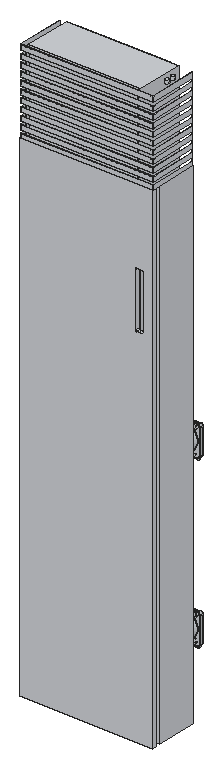
Revit family "57_CRD_ME_Ventura_V1C", category Mechanical Equipment, Revit 2020 (continued)
Definition of nested family "57_CRD_AT_aansluiting_muurrooster_flex"
  Definition of nested family "Rectangular Grille"
    Dimensions and locks
      Extrusion 11 sketch curve to plane 3 "Center (Left/Right)" to Extrusion 11 sketch curve = 105 mm, 105 mm
      diameter of Extrusion 10 sketch curve = 92.038 mm
      aligned and locked: level to plane 2
      aligned and locked: Sweep 2 to Extrusion 5  (x2)
      aligned and locked: plane 4 to Extrusion 10
      aligned and locked: Extrusion 11 to Sweep 2  (x2)
  Definition of nested family "Square Grille"
    Parameters (values of type "Square Grille")
      Width = 127 mm
      Wholesaler Art. No. = ""
      Wholesaler = ""
      materiaal [instance] = none
      Watermarked By = "www.stabiplan.com"
      URL = "www.stabiplan.com"
      Type Comments = "﻿﻿  ​                        ﻿﻿       ​      ﻿      ﻿                  ﻿                         ﻿​  ​ ﻿      ​   ﻿﻿"
      Stabu Code = ""
      Revit Version = "2014"  # constant formula
      Product Line = "ClimaRad"
      Model = "127x127"
      Manufacturer URL = "www.climarad.com"
      Manufacturer Art. No. = "3511203"
      Manufacturer = "ClimaRad"
      MEPcontent Class = "GRILLE"  # constant formula
      Keynote = "﻿﻿  ​                        ﻿﻿       ​      ﻿      ﻿                  ﻿                         ﻿​  ​ ﻿      ​   ﻿﻿"
      Internal Art. No. = ""
      IFCExportType = "GRILLE"  # constant formula
      IFCExportAs = "IfcAirTerminalType"  # constant formula
      Height = 127 mm
      GTIN = ""
      Function Code [instance] = ""
      Family Version = "10.04"  # constant formula
      ETIM Article Class = "EC001297"
      EMCS Version = "2.0"  # constant formula
      Description = "Aluminium set up grid"
      Depth = 14 mm
      Default Elevation = 1219.2 mm
      Custom = no
      Copyright = "© Stabiplan International BV"  # constant formula
      Content Supplier URL = "www.mepcontent.eu"
      CB-NL Class = ""
      Assembly Code = ""
      Article Type = "127x127"
      Article Description = "Aluminium set up grid"
    Reference planes
      plane 1 "Center (Front/Back)": y = 0
      plane 2: z = 0
      plane 3 "Center (Left/Right)": x = 0
    Forms (mm)
      Revolve 1, solid, material <- "materiaal", detail levels fine
        sketch origin (0, 0, 0) x (0, 1, 0) y (0, 0, 1)
          loop
            arc (39.018, 42.11) -> (39.963, 43.055) -> (39.018, 44) r 0.945
            line (39.018, 44) -> (38.22, 44)
            arc (38.22, 44) -> (37.144, 44.34) -> (36.461, 45.238) r 1.868
            line (36.461, 45.238) -> (36.176, 46.035)
            arc (36.176, 46.035) -> (35.58, 46.509) -> (34.985, 46.035) r 0.611
            line (34.985, 46.035) -> (34.985, 44.473)
            arc (34.985, 44.473) -> (34.391, 43.99) -> (33.796, 44.473) r 0.607
            line (33.796, 44.473) -> (33.796, 46.019)
            arc (33.796, 46.019) -> (33.188, 46.501) -> (32.58, 46.019) r 0.625
            line (32.58, 46.019) -> (32.287, 45.206)
            arc (32.287, 45.206) -> (31.587, 44.307) -> (30.491, 43.995) r 1.834
            line (30.491, 43.995) -> (29.298, 43.995)
            arc (29.298, 43.995) -> (28.157, 44.349) -> (27.417, 45.286) r 2.015
            line (27.417, 45.286) -> (27.157, 46.035)
            arc (27.157, 46.035) -> (26.562, 46.509) -> (25.966, 46.035) r 0.611
            line (25.966, 46.035) -> (25.966, 44.473)
            arc (25.966, 44.473) -> (25.372, 43.99) -> (24.777, 44.473) r 0.607
            line (24.777, 44.473) -> (24.777, 46.019)
            arc (24.777, 46.019) -> (24.169, 46.501) -> (23.561, 46.019) r 0.625
            line (23.561, 46.019) -> (23.268, 45.206)
            arc (23.268, 45.206) -> (22.536, 44.329) -> (21.442, 44) r 1.985
            line (21.442, 44) -> (20.411, 44)
            arc (20.411, 44) -> (19.937, 44.038) -> (19.476, 44.149) r 3.01
            line (19.476, 44.149) -> (1.763, 49.941)
            arc (1.763, 49.941) -> (0.593, 50.723) -> (0, 52) r 2.607
            line (0, 52) -> (0, 48.544) -> (17.33, 42.775)
            arc (17.33, 42.775) -> (19.355, 42.277) -> (21.434, 42.11) r 12.994
            line (21.434, 42.11) -> (39.018, 42.11)
          axis (39.018, 0) -> (0, 0)
        angle from 0 to 360
      Sweep 2, solid, material <- "materiaal", detail levels fine
        path origin (0, 0, 0) x (1, 0, 0) y (0, 0, 1)
          loop
            arc (-53.079, -51.114) -> (-52.503, -52.503) -> (-51.114, -53.079) r 1.965
            line (-51.114, -53.079) -> (51.075, -53.079)
            arc (51.075, -53.079) -> (52.492, -52.492) -> (53.079, -51.075) r 2.004
            line (53.079, -51.075) -> (53.079, 51.126)
            arc (53.079, 51.126) -> (52.507, 52.507) -> (51.126, 53.079) r 1.953
            line (51.126, 53.079) -> (-51.079, 53.079)
            arc (-51.079, 53.079) -> (-52.493, 52.493) -> (-53.079, 51.079) r 2
            line (-53.079, 51.079) -> (-53.079, -51.114)
        profile origin (-53.079, 0, -0.018) x (-1, 0, 0) y (0, -1, 0)
          loop
            line (9.386, 0) -> (10.421, 0) -> (7.067, 12.518)
            arc (7.067, 12.518) -> (6.353, 13.587) -> (5.135, 14) r 2
            line (5.135, 14) -> (3.864, 14)
            arc (3.864, 14) -> (2.455, 13.438) -> (1.82, 12.06) r 2.048
            line (1.82, 12.06) -> (1.498, 5.921)
            arc (1.498, 5.921) -> (1.033, 4.912) -> (0, 4.5) r 1.5
            line (0, 4.5) -> (0, 3.5)
            arc (0, 3.5) -> (1.721, 4.187) -> (2.497, 5.869) r 2.5
            line (2.497, 5.869) -> (2.821, 12.065)
            arc (2.821, 12.065) -> (3.095, 12.726) -> (3.757, 13) r 0.935
            line (3.757, 13) -> (5.135, 13)
            arc (5.135, 13) -> (5.744, 12.793) -> (6.101, 12.259) r 1
            line (6.101, 12.259) -> (9.386, 0)
      Extrusion 3, solid, material <- "materiaal", detail levels fine
        sketch origin (0, 0, 0) x (0, 1, 0) y (0, 0, 1)
          loop
            line (-4.5, 53.079) -> (-4.5, 50.079)
            arc (-4.5, 50.079) -> (-4.657, 49.541) -> (-5.077, 49.172) r 1
            line (-5.077, 49.172) -> (-9.609, 47.059)
            arc (-9.609, 47.059) -> (-11.811, 45.657) -> (-13.574, 43.732) r 10
            line (-13.574, 43.732) -> (-12.755, 43.158)
            arc (-12.755, 43.158) -> (-11.168, 44.891) -> (-9.186, 46.153) r 9
            line (-9.186, 46.153) -> (-4.655, 48.266)
            arc (-4.655, 48.266) -> (-3.858, 48.933) -> (-3.5, 49.908) r 2.015
            line (-3.5, 49.908) -> (-3.5, 53.079) -> (-4.5, 53.079)
          loop
            line (-4.5, 38.479) -> (-4.5, 35.479)
            arc (-4.5, 35.479) -> (-4.657, 34.941) -> (-5.077, 34.572) r 1
            line (-5.077, 34.572) -> (-9.609, 32.459)
            arc (-9.609, 32.459) -> (-11.811, 31.057) -> (-13.574, 29.132) r 10
            line (-13.574, 29.132) -> (-12.755, 28.558)
            arc (-12.755, 28.558) -> (-11.168, 30.291) -> (-9.186, 31.553) r 9
            line (-9.186, 31.553) -> (-4.655, 33.666)
            arc (-4.655, 33.666) -> (-3.858, 34.333) -> (-3.5, 35.308) r 2.015
            line (-3.5, 35.308) -> (-3.5, 38.479) -> (-4.5, 38.479)
          loop
            line (-4.5, 23.879) -> (-4.5, 20.879)
            arc (-4.5, 20.879) -> (-4.657, 20.341) -> (-5.077, 19.972) r 1
            line (-5.077, 19.972) -> (-9.609, 17.859)
            arc (-9.609, 17.859) -> (-11.811, 16.457) -> (-13.574, 14.532) r 10
            line (-13.574, 14.532) -> (-12.755, 13.958)
            arc (-12.755, 13.958) -> (-11.168, 15.691) -> (-9.186, 16.953) r 9
            line (-9.186, 16.953) -> (-4.655, 19.066)
            arc (-4.655, 19.066) -> (-3.858, 19.733) -> (-3.5, 20.708) r 2.015
            line (-3.5, 20.708) -> (-3.5, 23.879) -> (-4.5, 23.879)
          loop
            line (-4.5, 9.279) -> (-4.5, 6.279)
            arc (-4.5, 6.279) -> (-4.657, 5.741) -> (-5.077, 5.372) r 1
            line (-5.077, 5.372) -> (-9.609, 3.259)
            arc (-9.609, 3.259) -> (-11.811, 1.857) -> (-13.574, -0.068) r 10
            line (-13.574, -0.068) -> (-12.755, -0.642)
            arc (-12.755, -0.642) -> (-11.168, 1.091) -> (-9.186, 2.353) r 9
            line (-9.186, 2.353) -> (-4.655, 4.466)
            arc (-4.655, 4.466) -> (-3.858, 5.133) -> (-3.5, 6.108) r 2.015
            line (-3.5, 6.108) -> (-3.5, 9.279) -> (-4.5, 9.279)
          loop
            line (-4.5, -5.321) -> (-4.5, -8.321)
            arc (-4.5, -8.321) -> (-4.657, -8.859) -> (-5.077, -9.228) r 1
            line (-5.077, -9.228) -> (-9.609, -11.341)
            arc (-9.609, -11.341) -> (-11.811, -12.743) -> (-13.574, -14.668) r 10
            line (-13.574, -14.668) -> (-12.755, -15.242)
            arc (-12.755, -15.242) -> (-11.168, -13.509) -> (-9.186, -12.247) r 9
            line (-9.186, -12.247) -> (-4.655, -10.134)
            arc (-4.655, -10.134) -> (-3.858, -9.467) -> (-3.5, -8.492) r 2.015
            line (-3.5, -8.492) -> (-3.5, -5.321) -> (-4.5, -5.321)
          loop
            line (-4.5, -19.921) -> (-4.5, -22.921)
            arc (-4.5, -22.921) -> (-4.657, -23.459) -> (-5.077, -23.828) r 1
            line (-5.077, -23.828) -> (-9.609, -25.941)
            arc (-9.609, -25.941) -> (-11.811, -27.343) -> (-13.574, -29.268) r 10
            line (-13.574, -29.268) -> (-12.755, -29.842)
            arc (-12.755, -29.842) -> (-11.168, -28.109) -> (-9.186, -26.847) r 9
            line (-9.186, -26.847) -> (-4.655, -24.734)
            arc (-4.655, -24.734) -> (-3.858, -24.067) -> (-3.5, -23.092) r 2.015
            line (-3.5, -23.092) -> (-3.5, -19.921) -> (-4.5, -19.921)
          loop
            line (-4.5, -34.521) -> (-4.5, -37.521)
            arc (-4.5, -37.521) -> (-4.657, -38.059) -> (-5.077, -38.428) r 1
            line (-5.077, -38.428) -> (-9.609, -40.541)
            arc (-9.609, -40.541) -> (-11.811, -41.943) -> (-13.574, -43.868) r 10
            line (-13.574, -43.868) -> (-12.755, -44.442)
            arc (-12.755, -44.442) -> (-11.168, -42.709) -> (-9.186, -41.447) r 9
            line (-9.186, -41.447) -> (-4.655, -39.334)
            arc (-4.655, -39.334) -> (-3.858, -38.667) -> (-3.5, -37.692) r 2.015
            line (-3.5, -37.692) -> (-3.5, -34.521) -> (-4.5, -34.521)
          loop
            line (-3.5, -53.079) -> (-3.5, -49.579) -> (-4.5, -49.579) -> (-4.5, -53.079) -> (-3.5, -53.079)
        from -53.079 to 53.079
      Extrusion 4, solid, material <- "materiaal", detail levels fine
        sketch origin (0, 0, 0) x (1, 0, 0) y (0, 0, 1)
          loop
            arc (-51.286, 58.331) -> (-56.267, 56.267) -> (-58.331, 51.286) r 7.045
            line (-58.331, 51.286) -> (-58.331, -51.302)
            arc (-58.331, -51.302) -> (-56.272, -56.272) -> (-51.302, -58.331) r 7.028
            line (-51.302, -58.331) -> (51.286, -58.331)
            arc (51.286, -58.331) -> (56.267, -56.267) -> (58.331, -51.286) r 7.044
            line (58.331, -51.286) -> (58.331, 51.292)
            arc (58.331, 51.292) -> (56.269, 56.269) -> (51.292, 58.331) r 7.039
            line (51.292, 58.331) -> (-51.286, 58.331)
          loop
            circle (0, 0) r 45
        from 0 to 1
      Extrusion 5, solid, material <- "materiaal", detail levels fine
        sketch origin (0, 0, 0) x (1, 0, 0) y (0, 0, 1)
          loop
            line (51.292, 58.331) -> (-51.286, 58.331)
            arc (-51.286, 58.331) -> (-56.267, 56.267) -> (-58.331, 51.286) r 7.045
            line (-58.331, 51.286) -> (-58.331, -51.302)
            arc (-58.331, -51.302) -> (-56.272, -56.272) -> (-51.302, -58.331) r 7.028
            line (-51.302, -58.331) -> (51.286, -58.331)
            arc (51.286, -58.331) -> (56.267, -56.267) -> (58.331, -51.286) r 7.044
            line (58.331, -51.286) -> (58.331, 51.292)
            arc (58.331, 51.292) -> (56.269, 56.269) -> (51.292, 58.331) r 7.039
          loop
            line (-56.331, 51.286) -> (-56.331, -51.302)
            arc (-56.331, -51.302) -> (-54.858, -54.858) -> (-51.302, -56.331) r 5.028
            line (-51.302, -56.331) -> (51.286, -56.331)
            arc (51.286, -56.331) -> (54.853, -54.853) -> (56.331, -51.286) r 5.044
            line (56.331, -51.286) -> (56.331, 51.292)
            arc (56.331, 51.292) -> (54.855, 54.855) -> (51.292, 56.331) r 5.039
            line (51.292, 56.331) -> (-51.286, 56.331)
            arc (-51.286, 56.331) -> (-54.853, 54.853) -> (-56.331, 51.286) r 5.045
        from 0 to 10
      Extrusion 6, void
        sketch origin (0, 0, 0) x (1, 0, 0) y (0, 0, 1)
          loop
            arc (-50.552, 47.697) -> (-50.552, 44.182) -> (-47.037, 44.182) r 2.486
            line (-47.037, 44.182) -> (-44.201, 47.018)
            arc (-44.201, 47.018) -> (-44.201, 50.534) -> (-47.716, 50.534) r 2.486
            line (-47.716, 50.534) -> (-50.552, 47.697)
          loop
            line (50.552, 47.697) -> (47.716, 50.534)
            arc (47.716, 50.534) -> (44.201, 50.534) -> (44.201, 47.018) r 2.486
            line (44.201, 47.018) -> (47.037, 44.182)
            arc (47.037, 44.182) -> (50.552, 44.182) -> (50.552, 47.697) r 2.486
          loop
            line (-50.552, -47.697) -> (-47.716, -50.534)
            arc (-47.716, -50.534) -> (-44.201, -50.534) -> (-44.201, -47.018) r 2.486
            line (-44.201, -47.018) -> (-47.037, -44.182)
            arc (-47.037, -44.182) -> (-50.552, -44.182) -> (-50.552, -47.697) r 2.486
          loop
            arc (50.552, -47.697) -> (50.552, -44.182) -> (47.037, -44.182) r 2.486
            line (47.037, -44.182) -> (44.201, -47.018)
            arc (44.201, -47.018) -> (44.201, -50.534) -> (47.716, -50.534) r 2.486
            line (47.716, -50.534) -> (50.552, -47.697)
        from 0 to 3.5
      Extrusion 7, solid, detail levels coarse+medium
        sketch origin (0, 0, 0) x (1, 0, 0) y (0, 0, 1)
          loop
            circle (0, 0) r 46.5
        from -40 to 0
      Extrusion 8, solid, detail levels coarse+medium
        sketch origin (0, 0, 0) x (1, 0, 0) y (0, 0, 1)
          loop
            line (-63.5, 63.5) -> (-63.5, -63.5) -> (63.5, -63.5) -> (63.5, 63.5) -> (-63.5, 63.5)
        from 0 to 14
    Cuts and joins
      Extrusion 6 cuts Revolve 1
      Extrusion 6 cuts Extrusion 4
      Extrusion 6 cuts Extrusion 5
      joined: Revolve 1, Extrusion 4, Extrusion 5
      Extrusion 6 cuts Extrusion 3
    Dimensions and locks
      plane 1 "Center (Front/Back)" to Extrusion 7 = 40 mm
      Extrusion 8 sketch curve to plane 3 "Center (Left/Right)" to Extrusion 8 sketch curve = 63.5 mm, 63.5 mm
      Extrusion 8 sketch curve to plane 2 to Extrusion 8 sketch curve = 63.5 mm, 63.5 mm
      Extrusion 8 to plane 1 "Center (Front/Back)" = 14 mm
      diameter of Extrusion 7 sketch curve = 93 mm
      aligned and locked: level to plane 2
      aligned and locked: Sweep 2 sketch curve to plane 1 "Center (Front/Back)"
      aligned and locked: Sweep 2 sketch curve to profile plane
      aligned and locked: Extrusion 4 to plane 1 "Center (Front/Back)"
      aligned and locked: plane 1 "Center (Front/Back)" to Extrusion 7
      aligned and locked: Extrusion 8 to plane 1 "Center (Front/Back)"
Definition of nested family "Square Grille"
  Parameters (values of type "Square Grille")
    Width = 127 mm
    Wholesaler Art. No. = ""
    Wholesaler = ""
    materiaal [instance] = none
    Watermarked By = "www.stabiplan.com"
    URL = "www.stabiplan.com"
    Type Comments = "﻿﻿  ​                        ﻿﻿       ​      ﻿      ﻿                  ﻿                         ﻿​  ​ ﻿      ​   ﻿﻿"
    Stabu Code = ""
    Revit Version = "2014"  # constant formula
    Product Line = "ClimaRad"
    Model = "127x127"
    Manufacturer URL = "www.climarad.com"
    Manufacturer Art. No. = "3511203"
    Manufacturer = "ClimaRad"
    MEPcontent Class = "GRILLE"  # constant formula
    Keynote = "﻿﻿  ​                        ﻿﻿       ​      ﻿      ﻿                  ﻿                         ﻿​  ​ ﻿      ​   ﻿﻿"
    Internal Art. No. = ""
    IFCExportType = "GRILLE"  # constant formula
    IFCExportAs = "IfcAirTerminalType"  # constant formula
    Height = 127 mm
    GTIN = ""
    Function Code [instance] = ""
    Family Version = "10.04"  # constant formula
    ETIM Article Class = "EC001297"
    EMCS Version = "2.0"  # constant formula
    Description = "Aluminium set up grid"
    Depth = 14 mm
    Default Elevation = 1219.2 mm
    Custom = no
    Copyright = "© Stabiplan International BV"  # constant formula
    Content Supplier URL = "www.mepcontent.eu"
    CB-NL Class = ""
    Assembly Code = ""
    Article Type = "127x127"
    Article Description = "Aluminium set up grid"
  Reference planes
    plane 1 "Center (Front/Back)": y = 0
    plane 2: z = 0
    plane 3 "Center (Left/Right)": x = 0
  Forms (mm)
    Revolve 1, solid, material <- "materiaal", detail levels fine
      sketch origin (0, 0, 0) x (0, 1, 0) y (0, 0, 1)
        loop
          arc (39.018, 42.11) -> (39.963, 43.055) -> (39.018, 44) r 0.945
          line (39.018, 44) -> (38.22, 44)
          arc (38.22, 44) -> (37.144, 44.34) -> (36.461, 45.238) r 1.868
          line (36.461, 45.238) -> (36.176, 46.035)
          arc (36.176, 46.035) -> (35.58, 46.509) -> (34.985, 46.035) r 0.611
          line (34.985, 46.035) -> (34.985, 44.473)
          arc (34.985, 44.473) -> (34.391, 43.99) -> (33.796, 44.473) r 0.607
          line (33.796, 44.473) -> (33.796, 46.019)
          arc (33.796, 46.019) -> (33.188, 46.501) -> (32.58, 46.019) r 0.625
          line (32.58, 46.019) -> (32.287, 45.206)
          arc (32.287, 45.206) -> (31.587, 44.307) -> (30.491, 43.995) r 1.834
          line (30.491, 43.995) -> (29.298, 43.995)
          arc (29.298, 43.995) -> (28.157, 44.349) -> (27.417, 45.286) r 2.015
          line (27.417, 45.286) -> (27.157, 46.035)
          arc (27.157, 46.035) -> (26.562, 46.509) -> (25.966, 46.035) r 0.611
          line (25.966, 46.035) -> (25.966, 44.473)
          arc (25.966, 44.473) -> (25.372, 43.99) -> (24.777, 44.473) r 0.607
          line (24.777, 44.473) -> (24.777, 46.019)
          arc (24.777, 46.019) -> (24.169, 46.501) -> (23.561, 46.019) r 0.625
          line (23.561, 46.019) -> (23.268, 45.206)
          arc (23.268, 45.206) -> (22.536, 44.329) -> (21.442, 44) r 1.985
          line (21.442, 44) -> (20.411, 44)
          arc (20.411, 44) -> (19.937, 44.038) -> (19.476, 44.149) r 3.01
          line (19.476, 44.149) -> (1.763, 49.941)
          arc (1.763, 49.941) -> (0.593, 50.723) -> (0, 52) r 2.607
          line (0, 52) -> (0, 48.544) -> (17.33, 42.775)
          arc (17.33, 42.775) -> (19.355, 42.277) -> (21.434, 42.11) r 12.994
          line (21.434, 42.11) -> (39.018, 42.11)
        axis (39.018, 0) -> (0, 0)
      angle from 0 to 360
    Sweep 2, solid, material <- "materiaal", detail levels fine
      path origin (0, 0, 0) x (1, 0, 0) y (0, 0, 1)
        loop
          arc (-53.079, -51.114) -> (-52.503, -52.503) -> (-51.114, -53.079) r 1.965
          line (-51.114, -53.079) -> (51.075, -53.079)
          arc (51.075, -53.079) -> (52.492, -52.492) -> (53.079, -51.075) r 2.004
          line (53.079, -51.075) -> (53.079, 51.126)
          arc (53.079, 51.126) -> (52.507, 52.507) -> (51.126, 53.079) r 1.953
          line (51.126, 53.079) -> (-51.079, 53.079)
          arc (-51.079, 53.079) -> (-52.493, 52.493) -> (-53.079, 51.079) r 2
          line (-53.079, 51.079) -> (-53.079, -51.114)
      profile origin (-53.079, 0, -0.018) x (-1, 0, 0) y (0, -1, 0)
        loop
          line (9.386, 0) -> (10.421, 0) -> (7.067, 12.518)
          arc (7.067, 12.518) -> (6.353, 13.587) -> (5.135, 14) r 2
          line (5.135, 14) -> (3.864, 14)
          arc (3.864, 14) -> (2.455, 13.438) -> (1.82, 12.06) r 2.048
          line (1.82, 12.06) -> (1.498, 5.921)
          arc (1.498, 5.921) -> (1.033, 4.912) -> (0, 4.5) r 1.5
          line (0, 4.5) -> (0, 3.5)
          arc (0, 3.5) -> (1.721, 4.187) -> (2.497, 5.869) r 2.5
          line (2.497, 5.869) -> (2.821, 12.065)
          arc (2.821, 12.065) -> (3.095, 12.726) -> (3.757, 13) r 0.935
          line (3.757, 13) -> (5.135, 13)
          arc (5.135, 13) -> (5.744, 12.793) -> (6.101, 12.259) r 1
          line (6.101, 12.259) -> (9.386, 0)
    Extrusion 3, solid, material <- "materiaal", detail levels fine
      sketch origin (0, 0, 0) x (0, 1, 0) y (0, 0, 1)
        loop
          line (-4.5, 53.079) -> (-4.5, 50.079)
          arc (-4.5, 50.079) -> (-4.657, 49.541) -> (-5.077, 49.172) r 1
          line (-5.077, 49.172) -> (-9.609, 47.059)
          arc (-9.609, 47.059) -> (-11.811, 45.657) -> (-13.574, 43.732) r 10
          line (-13.574, 43.732) -> (-12.755, 43.158)
          arc (-12.755, 43.158) -> (-11.168, 44.891) -> (-9.186, 46.153) r 9
          line (-9.186, 46.153) -> (-4.655, 48.266)
          arc (-4.655, 48.266) -> (-3.858, 48.933) -> (-3.5, 49.908) r 2.015
          line (-3.5, 49.908) -> (-3.5, 53.079) -> (-4.5, 53.079)
        loop
          line (-4.5, 38.479) -> (-4.5, 35.479)
          arc (-4.5, 35.479) -> (-4.657, 34.941) -> (-5.077, 34.572) r 1
          line (-5.077, 34.572) -> (-9.609, 32.459)
          arc (-9.609, 32.459) -> (-11.811, 31.057) -> (-13.574, 29.132) r 10
          line (-13.574, 29.132) -> (-12.755, 28.558)
          arc (-12.755, 28.558) -> (-11.168, 30.291) -> (-9.186, 31.553) r 9
          line (-9.186, 31.553) -> (-4.655, 33.666)
          arc (-4.655, 33.666) -> (-3.858, 34.333) -> (-3.5, 35.308) r 2.015
          line (-3.5, 35.308) -> (-3.5, 38.479) -> (-4.5, 38.479)
        loop
          line (-4.5, 23.879) -> (-4.5, 20.879)
          arc (-4.5, 20.879) -> (-4.657, 20.341) -> (-5.077, 19.972) r 1
          line (-5.077, 19.972) -> (-9.609, 17.859)
          arc (-9.609, 17.859) -> (-11.811, 16.457) -> (-13.574, 14.532) r 10
          line (-13.574, 14.532) -> (-12.755, 13.958)
          arc (-12.755, 13.958) -> (-11.168, 15.691) -> (-9.186, 16.953) r 9
          line (-9.186, 16.953) -> (-4.655, 19.066)
          arc (-4.655, 19.066) -> (-3.858, 19.733) -> (-3.5, 20.708) r 2.015
          line (-3.5, 20.708) -> (-3.5, 23.879) -> (-4.5, 23.879)
        loop
          line (-4.5, 9.279) -> (-4.5, 6.279)
          arc (-4.5, 6.279) -> (-4.657, 5.741) -> (-5.077, 5.372) r 1
          line (-5.077, 5.372) -> (-9.609, 3.259)
          arc (-9.609, 3.259) -> (-11.811, 1.857) -> (-13.574, -0.068) r 10
          line (-13.574, -0.068) -> (-12.755, -0.642)
          arc (-12.755, -0.642) -> (-11.168, 1.091) -> (-9.186, 2.353) r 9
          line (-9.186, 2.353) -> (-4.655, 4.466)
          arc (-4.655, 4.466) -> (-3.858, 5.133) -> (-3.5, 6.108) r 2.015
          line (-3.5, 6.108) -> (-3.5, 9.279) -> (-4.5, 9.279)
        loop
          line (-4.5, -5.321) -> (-4.5, -8.321)
          arc (-4.5, -8.321) -> (-4.657, -8.859) -> (-5.077, -9.228) r 1
          line (-5.077, -9.228) -> (-9.609, -11.341)
          arc (-9.609, -11.341) -> (-11.811, -12.743) -> (-13.574, -14.668) r 10
          line (-13.574, -14.668) -> (-12.755, -15.242)
          arc (-12.755, -15.242) -> (-11.168, -13.509) -> (-9.186, -12.247) r 9
          line (-9.186, -12.247) -> (-4.655, -10.134)
          arc (-4.655, -10.134) -> (-3.858, -9.467) -> (-3.5, -8.492) r 2.015
          line (-3.5, -8.492) -> (-3.5, -5.321) -> (-4.5, -5.321)
        loop
          line (-4.5, -19.921) -> (-4.5, -22.921)
          arc (-4.5, -22.921) -> (-4.657, -23.459) -> (-5.077, -23.828) r 1
          line (-5.077, -23.828) -> (-9.609, -25.941)
          arc (-9.609, -25.941) -> (-11.811, -27.343) -> (-13.574, -29.268) r 10
          line (-13.574, -29.268) -> (-12.755, -29.842)
          arc (-12.755, -29.842) -> (-11.168, -28.109) -> (-9.186, -26.847) r 9
          line (-9.186, -26.847) -> (-4.655, -24.734)
          arc (-4.655, -24.734) -> (-3.858, -24.067) -> (-3.5, -23.092) r 2.015
          line (-3.5, -23.092) -> (-3.5, -19.921) -> (-4.5, -19.921)
        loop
          line (-4.5, -34.521) -> (-4.5, -37.521)
          arc (-4.5, -37.521) -> (-4.657, -38.059) -> (-5.077, -38.428) r 1
          line (-5.077, -38.428) -> (-9.609, -40.541)
          arc (-9.609, -40.541) -> (-11.811, -41.943) -> (-13.574, -43.868) r 10
          line (-13.574, -43.868) -> (-12.755, -44.442)
          arc (-12.755, -44.442) -> (-11.168, -42.709) -> (-9.186, -41.447) r 9
          line (-9.186, -41.447) -> (-4.655, -39.334)
          arc (-4.655, -39.334) -> (-3.858, -38.667) -> (-3.5, -37.692) r 2.015
          line (-3.5, -37.692) -> (-3.5, -34.521) -> (-4.5, -34.521)
        loop
          line (-3.5, -53.079) -> (-3.5, -49.579) -> (-4.5, -49.579) -> (-4.5, -53.079) -> (-3.5, -53.079)
      from -53.079 to 53.079
    Extrusion 4, solid, material <- "materiaal", detail levels fine
      sketch origin (0, 0, 0) x (1, 0, 0) y (0, 0, 1)
        loop
          arc (-51.286, 58.331) -> (-56.267, 56.267) -> (-58.331, 51.286) r 7.045
          line (-58.331, 51.286) -> (-58.331, -51.302)
          arc (-58.331, -51.302) -> (-56.272, -56.272) -> (-51.302, -58.331) r 7.028
          line (-51.302, -58.331) -> (51.286, -58.331)
          arc (51.286, -58.331) -> (56.267, -56.267) -> (58.331, -51.286) r 7.044
          line (58.331, -51.286) -> (58.331, 51.292)
          arc (58.331, 51.292) -> (56.269, 56.269) -> (51.292, 58.331) r 7.039
          line (51.292, 58.331) -> (-51.286, 58.331)
        loop
          circle (0, 0) r 45
      from 0 to 1
    Extrusion 5, solid, material <- "materiaal", detail levels fine
      sketch origin (0, 0, 0) x (1, 0, 0) y (0, 0, 1)
        loop
          line (51.292, 58.331) -> (-51.286, 58.331)
          arc (-51.286, 58.331) -> (-56.267, 56.267) -> (-58.331, 51.286) r 7.045
          line (-58.331, 51.286) -> (-58.331, -51.302)
          arc (-58.331, -51.302) -> (-56.272, -56.272) -> (-51.302, -58.331) r 7.028
          line (-51.302, -58.331) -> (51.286, -58.331)
          arc (51.286, -58.331) -> (56.267, -56.267) -> (58.331, -51.286) r 7.044
          line (58.331, -51.286) -> (58.331, 51.292)
          arc (58.331, 51.292) -> (56.269, 56.269) -> (51.292, 58.331) r 7.039
        loop
          line (-56.331, 51.286) -> (-56.331, -51.302)
          arc (-56.331, -51.302) -> (-54.858, -54.858) -> (-51.302, -56.331) r 5.028
          line (-51.302, -56.331) -> (51.286, -56.331)
          arc (51.286, -56.331) -> (54.853, -54.853) -> (56.331, -51.286) r 5.044
          line (56.331, -51.286) -> (56.331, 51.292)
          arc (56.331, 51.292) -> (54.855, 54.855) -> (51.292, 56.331) r 5.039
          line (51.292, 56.331) -> (-51.286, 56.331)
          arc (-51.286, 56.331) -> (-54.853, 54.853) -> (-56.331, 51.286) r 5.045
      from 0 to 10
    Extrusion 6, void
      sketch origin (0, 0, 0) x (1, 0, 0) y (0, 0, 1)
        loop
          arc (-50.552, 47.697) -> (-50.552, 44.182) -> (-47.037, 44.182) r 2.486
          line (-47.037, 44.182) -> (-44.201, 47.018)
          arc (-44.201, 47.018) -> (-44.201, 50.534) -> (-47.716, 50.534) r 2.486
          line (-47.716, 50.534) -> (-50.552, 47.697)
        loop
          line (50.552, 47.697) -> (47.716, 50.534)
          arc (47.716, 50.534) -> (44.201, 50.534) -> (44.201, 47.018) r 2.486
          line (44.201, 47.018) -> (47.037, 44.182)
          arc (47.037, 44.182) -> (50.552, 44.182) -> (50.552, 47.697) r 2.486
        loop
          line (-50.552, -47.697) -> (-47.716, -50.534)
          arc (-47.716, -50.534) -> (-44.201, -50.534) -> (-44.201, -47.018) r 2.486
          line (-44.201, -47.018) -> (-47.037, -44.182)
          arc (-47.037, -44.182) -> (-50.552, -44.182) -> (-50.552, -47.697) r 2.486
        loop
          arc (50.552, -47.697) -> (50.552, -44.182) -> (47.037, -44.182) r 2.486
          line (47.037, -44.182) -> (44.201, -47.018)
          arc (44.201, -47.018) -> (44.201, -50.534) -> (47.716, -50.534) r 2.486
          line (47.716, -50.534) -> (50.552, -47.697)
      from 0 to 3.5
    Extrusion 7, solid, detail levels coarse+medium
      sketch origin (0, 0, 0) x (1, 0, 0) y (0, 0, 1)
        loop
          circle (0, 0) r 46.5
      from -40 to 0
    Extrusion 8, solid, detail levels coarse+medium
      sketch origin (0, 0, 0) x (1, 0, 0) y (0, 0, 1)
        loop
          line (-63.5, 63.5) -> (-63.5, -63.5) -> (63.5, -63.5) -> (63.5, 63.5) -> (-63.5, 63.5)
      from 0 to 14
  Cuts and joins
    Extrusion 6 cuts Revolve 1
    Extrusion 6 cuts Extrusion 4
    Extrusion 6 cuts Extrusion 5
    joined: Revolve 1, Extrusion 4, Extrusion 5
    Extrusion 6 cuts Extrusion 3
  Dimensions and locks
    plane 1 "Center (Front/Back)" to Extrusion 7 = 40 mm
    Extrusion 8 sketch curve to plane 3 "Center (Left/Right)" to Extrusion 8 sketch curve = 63.5 mm, 63.5 mm
    Extrusion 8 sketch curve to plane 2 to Extrusion 8 sketch curve = 63.5 mm, 63.5 mm
    Extrusion 8 to plane 1 "Center (Front/Back)" = 14 mm
    diameter of Extrusion 7 sketch curve = 93 mm
    aligned and locked: level to plane 2
    aligned and locked: Sweep 2 sketch curve to plane 1 "Center (Front/Back)"
    aligned and locked: Sweep 2 sketch curve to profile plane
    aligned and locked: Extrusion 4 to plane 1 "Center (Front/Back)"
    aligned and locked: plane 1 "Center (Front/Back)" to Extrusion 7
    aligned and locked: Extrusion 8 to plane 1 "Center (Front/Back)"
